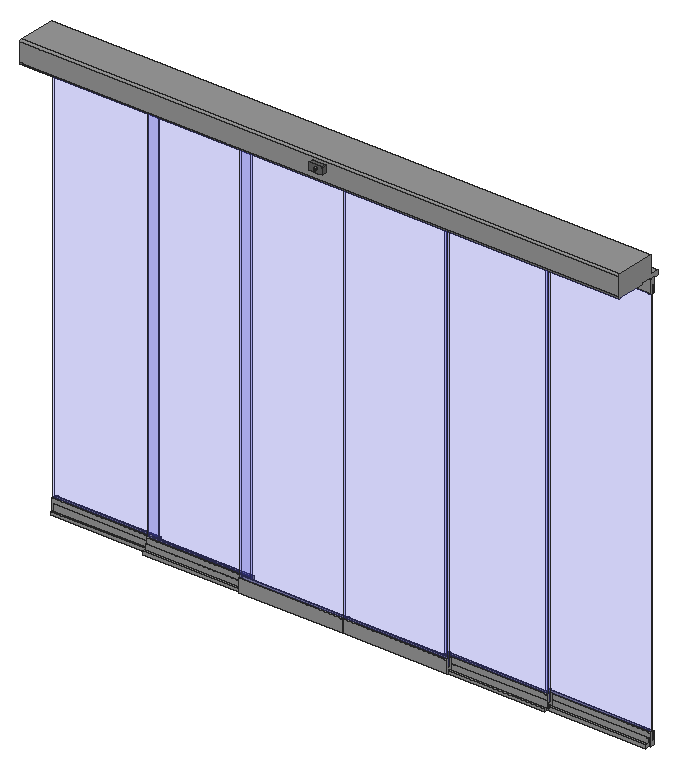
Revit family "2017_Telescopic_BP_central_fixed", category Puertas, Revit 2017
Family settings
  Anfitrión = Muro
  Número OmniClass = 23.30.10.17.11
  Título OmniClass = Sliding Doors
  Siempre vertical = Sí
  Corte con vacíos al cargar = No
  Compartido = No
  Punto de cálculo de habitación = No
Parameters (values of type "PL 2220 x HL 2400 (A20-2)")
  Uniclass 2.0 Description = "Frameless glass door leaves"  # constant formula
  Uniclass 2.0 Code = "30-59-23-32"  # constant formula
  URL Product = "http://www.manusa.com/es/productos/puertas-automaticas/correderas/puerta-corredera-telescopica"
  URL = "http://www.manusa.com/"
  UNSPSC Code = "30-17-15-10"  # constant formula
  UNSPSC Category = "Automatic doors"  # constant formula
  Top frame = if(or([A20-2], [A20-4]), 1 = 1, 1 = 0)  # yes
  Standard Power Supply 220V [instance] = not(Power supply on request 120V)  # yes
  Safety Control Guide [instance] = if(and([A20-2], [A20-2R], [Safety Guide (optional on A20-2 and A20-2R)]), 1 = 1, 1 = 0)  # no
  Projection ALT-Center = [AM (Mobile Sheet Width)] - 41.000 mm  # 554.000 mm
  Reduced top frame = if([A20-2R], 1 = 1, 1 = 0)  # no
  Product contact = "Departamento BIM de Manusa"  # constant formula
  Power supply on request 120V [instance] = no
  Power supply [instance] = if(Power supply on request 120V, 120 V, 220 V)  # 220 V
  PL (Free pass) = Calculates PL according to AH  # 2220.000 mm
  Operator = "Manusa Visio 125"  # constant formula
  Omniclass Title = "Sliding Doors"  # constant formula
  Omniclass Code = "23.30.10.17.11"  # constant formula
  Metal Guides = Aluminio Manusa
  Memory = "BI-PARTING TELESCOPIC SLIDING DOOR WITH SLIDING AND FIXED LEAVES A20-2 MODEL\r\n\r\nMANUSA automatic sliding door, bi-parting telescopic, 4 sliding leaves and 2 fixed leaves, for a space: ……  mm high, ……  mm width, with a ……  mm clear width. The complete doorset is in compliment with the European Standard EN16005 about safety in use in power-operated pedestrian doors. It is composed of the following items:\r\nVISIO 125 operator, certified according to EN60335, composed of: motor group with two three-phase AC motors powered with a single-phase 230V/50Hz network (115V/60Hz on request); position and speed magnetic encoder; control board with performance level “d” according to EN13849 with monitored functioning and motor management system with inverter technology with voltage and frequency independent adjustment (VVVF); Direct Drive transmission (without reduction gear); backup batteries to allow opening and closing of the door in case of power failure (user-configurable). All housed in an extruded aluminium header frame 125 mm high and 180 mm deep in a powder coated / anodized finishing (chart available). Manufactured according to the Standard 9001:1000 of quality management systems.\r\nMANUSA leaves with A20-2 aluminium profiles, consisting of: one top rail and one bottom rail 75 mm high and 20 mm thick with a glass fixed with structural silicone, in powder coated / anodized finishing (chart available). Tempered / laminated glass 10 or 12 mm thick.\r\nMANUSA program selector, which allows users to choose between the following modes: automatic, open, closed, exit only and partial opening. This selector is equipped with a digital display that alerts the user of any malfunction, and features as a standard a locking PIN code to protect access to the change-mode function, according to EN16005 for doorsets in escape routes and emergency exits.\r\nMANUSA monitored sensors, with performance level “c” (level “d” if the door is located in escape routes or emergency exits) according to EN13849, in compliance with the Standard EN16005."
  Masterformat Description = "Sliding Composite Doors"  # constant formula
  Masterformat Code = "08-16-73"  # constant formula
  Lop (Operator Length) = 1.5 * PL Control + 100.000 mm  # 3430.000 mm
  IFC Clasification = ""
  HT (Total Height) = [HL (Free Height)] + 125.000 mm  # 2525.000 mm
  HN (Height Required) = [HL (Free Height)] + 135.000 mm  # 2535.000 mm
  HL (Free Height) = HH Control - 28.000 mm  # 2400.000 mm
  HH (hollow height) = 2428.000 mm
  Guides = Plástico puertas correderas manusa
  Glazing = Vidrio Manusa
  Frame = Aluminio Manusa
  Contact phone = "+34 935 915 700"  # constant formula
  Contact Email = "BIM@manusa.com"  # constant formula
  COBie Category = ""
  Bottom frame = if(or([A20-2], [A20-2R], [A20-4]), 1 = 1, 1 = 0)  # yes
  PL Control = if(Calculates PL according to AH > 3900.000 mm, 3900.000 mm, if(Calculates PL according to AH < 1850.000 mm, 1850.000 mm, Calculates PL according to AH))  # 2220.000 mm
  PL Opening Control [instance] = if(PL Opening > PL Control, PL Control, PL Opening)  # 0.000 mm
  PL Opening [instance] = (Opening % Control / 100) * [PL (Free pass)]  # 0.000 mm
  Opening % Control [instance] = if(Closed, 0, if(Open, 100, Opening %))  # 0
  Opening % = 0
  Open [instance] = no
  Normal Guide [instance] = if(and(not([Safety Guide (optional on A20-2 and A20-2R)]), [A20-2]), 1 = 1, 1 = 0)  # yes
  Modelo = "Automatic Telescopic Sliding Door"  # constant formula
  Manual Lock [instance] = no
  Lop Control = if([Lop (Operator Length)] > 6000.000 mm, 6000.000 mm, if([Lop (Operator Length)] < 2875.000 mm, 2875.000 mm, [Lop (Operator Length)]))  # 3430.000 mm
  Lock NO [instance] = yes
  Lateral pillar [instance] = no
  HL/2 = [HL (Free Height)] / 2  # 1200.000 mm
  HH Control = if([HH (hollow height)] > 2828.000 mm, 2828.000 mm, if([HH (hollow height)] < 1825.000 mm, 1828.000 mm, [HH (hollow height)]))  # 2428.000 mm
  Safety Guide (optional on A20-2 and A20-2R) [instance] = no
  Función = Interior
  Fabricante = "MANUSA"  # constant formula
  Distance to Top Glazing [instance] = if(or([A20-2], [A20-2R]), 30.000 mm, if([A20-4], 55.000 mm, 0.000 mm))  # 30.000 mm
  Distance Lower Glazing [instance] = if(or([A20-2], [A20-2R]), 30.000 mm, if([A20-4], 55.000 mm, 0.000 mm))  # 30.000 mm
  Descripción = "Central Opening Transparent Telescopic Door with 2 Fixed Sheets"  # constant formula
  Type Comments = ""
  Closed [instance] = yes
  Calculates PL according to AH = (AH Control - 100.000 mm) / 1.5  # 2220.000 mm
  Automatic Lock [instance] = no
  Height side frames = [HN (Height Required)] - 10.000 mm  # 2525.000 mm
  Altura = HH Control  # 2428.000 mm
  Cierre de muro = Por anfitrión
  Anchura = [Lop (Operator Length)]  # 3430.000 mm
  Admitted glasses = "Laminado 5+5mm, Laminado 6+6mm,Templado 10mm, Templado 12mm"
  AM (Mobile Sheet Width) = (PL Control / 4) + 40.000 mm  # 595.000 mm
  ALT Opening [instance] = (2 * ([AM (Mobile Sheet Width)] - 40.000 mm)) + (PL Opening Control / 2)  # 1110.000 mm
  ALT = (PL Control / 4) + 40.000 mm  # 595.000 mm
  AH Control = if([AH (Hollow Width)] > 5950.000 mm, 5950.000 mm, if([AH (Hollow Width)] < 2875.000 mm, 2875.000 mm, [AH (Hollow Width)]))  # 3430.000 mm
  AH (Hollow Width) = 3430.000 mm
  AH = [Lop (Operator Length)]  # 3430.000 mm
  AF (Fixed Sheet Width) = (AH - PL Control) / 2  # 605.000 mm
  A20-4 = no
  A20-2R = no
  A20-2 = yes
Reference planes
  plane 1: y = 0
  plane 2 "Centro (Izquierda/Derecha)": x = 0
  plane 3 "Izquierda": x = -1715
  plane 4 "Derecha": x = 1715
  plane 5: z = 2428
  plane 6 "Exterior": y = 73.975
  plane 7 "Interior": y = -76.025
  plane 8 "ALT derecha": x = 1150
  plane 9 "ALT izquierda": x = -1150
  plane 10 "ALT derecha C": x = 555
  plane 11 "ALT izquierda C": x = -555
  plane 12 "AF izquierda": x = -1110
  plane 13 "AF derecha": x = 1110
  plane 14: z = 2535
  plane 15: z = 2400
  plane 16 "HF": y = -63.525
  plane 17 "HALT": y = -93.525
  plane 18: z = 1200
  plane 19 "AM derecha C": x = 0
  plane 20 "AM izquierda C": x = 0
  plane 21 "AM izquierda": x = -595
  plane 22 "AM derecha": x = 595
  plane 23 "HM": y = -123.525
Forms (mm)
  Extrusion 1, solid, material "Aluminio Manusa" <- "Frame", visible <- "Lateral pillar", detail levels medium+fine
    sketch origin (0, 0, 0) x (1, 0, 0) y (0, 1, 0)
      loop
        arc (1718, -76.025) -> (1715.879, -76.904) -> (1715, -79.025) r 3
        line (1715, -79.025) -> (1715, -140.868) -> (1716.122, -140.868) -> (1715, -142.356) -> (1715, -145.829) -> (1765, -145.829) -> (1765, -142.356) -> (1763.878, -140.868) -> (1765, -140.868) -> (1765, -79.025)
        arc (1765, -79.025) -> (1764.121, -76.904) -> (1762, -76.025) r 3
        line (1762, -76.025) -> (1718, -76.025)
      loop
        line (-1718, -76.025) -> (-1762, -76.025)
        arc (-1762, -76.025) -> (-1764.121, -76.904) -> (-1765, -79.025) r 3
        line (-1765, -79.025) -> (-1765, -140.868) -> (-1763.878, -140.868) -> (-1765, -142.356) -> (-1765, -145.829) -> (-1715, -145.829) -> (-1715, -142.356) -> (-1716.122, -140.868) -> (-1715, -140.868) -> (-1715, -79.025)
        arc (-1715, -79.025) -> (-1715.879, -76.904) -> (-1718, -76.025) r 3
    from 0 to 2525 <- "Height side frames"
  Extrusion 2, solid, material "Aluminio Manusa" <- "Frame", detail levels medium+fine
    sketch origin (0, 0, 0) x (0, 1, 0) y (0, 0, 1)
      loop
        line (-76.025, 2428) -> (-76.025, 2525.001) -> (-296.025, 2525.001)
        arc (-296.025, 2525.001) -> (-303.096, 2522.072) -> (-306.025, 2515.001) r 10
        line (-306.025, 2515.001) -> (-306.025, 2410.001)
        arc (-306.025, 2410.001) -> (-303.096, 2402.93) -> (-296.025, 2400.001) r 10
        line (-296.025, 2400.001) -> (-138.525, 2400.001) -> (-138.525, 2408) -> (-76.025, 2408) -> (-76.025, 2400) -> (-26.025, 2400) -> (-26.025, 2428) -> (-76.025, 2428)
    from -1715 to 1715
  Extrusion 3, solid, material "Plástico puertas correderas manusa" <- "Guides", detail levels fine
    sketch origin (0, -76.025, 0) x (1, 0, 0) y (0, 0, 1)
      loop
        arc (-37.5, 2460.593) -> (0, 2455.986) -> (37.5, 2460.593) r 154.914
        line (37.5, 2460.593) -> (37.5, 2497.062)
        arc (37.5, 2497.062) -> (36.466, 2499.559) -> (33.968, 2500.593) r 3.532
        line (33.968, 2500.593) -> (-33.968, 2500.593)
        arc (-33.968, 2500.593) -> (-36.466, 2499.559) -> (-37.5, 2497.062) r 3.532
        line (-37.5, 2497.062) -> (-37.5, 2460.593)
    from 230 to 255
  Extrusion 4, solid, material "Vidrio Manusa" <- "Glazing"
    sketch origin (0, -0.012, 0) x (1, 0, 0) y (0, 1, 0)
      loop
        line (-1110, -57.499) -> (-1715, -57.499) -> (-1715, -69.527) -> (-1110, -69.527) -> (-1110, -57.499)
      loop
        line (1110, -57.499) -> (1110, -69.527) -> (1715, -69.527) -> (1715, -57.499) -> (1110, -57.499)
    from 30 to 2370
  Extrusion 5, solid, material "Aluminio Manusa" <- "Frame", visible <- "Top frame", detail levels medium+fine
    sketch origin (1110, 165, 1972) x (0, 0, -1) y (0, -1, 0)
      loop
        arc (-354.5, 216.025) -> (-353.439, 216.465) -> (-353, 217.525) r 1.5
        line (-353, 217.525) -> (-353, 221.511) -> (-398, 221.511) -> (-398, 235.54) -> (-353, 235.54) -> (-353, 239.525)
        arc (-353, 239.525) -> (-353.439, 240.586) -> (-354.5, 241.025) r 1.5
        line (-354.5, 241.025) -> (-428, 241.025) -> (-428, 216.025) -> (-354.5, 216.025)
    from 0 to -605
  Extrusion 6, solid, material "Aluminio Manusa" <- "Frame", visible <- "Bottom frame", detail levels medium+fine
    sketch origin (1110, 165, 0) x (0, 0, 1) y (0, 1, 0)
      loop
        line (73.5, -216.025) -> (0, -216.025) -> (0, -241.025) -> (73.5, -241.025)
        arc (73.5, -241.025) -> (74.561, -240.586) -> (75, -239.525) r 1.5
        line (75, -239.525) -> (75, -235.54) -> (30, -235.54) -> (30, -221.511) -> (75, -221.511) -> (75, -217.525)
        arc (75, -217.525) -> (74.561, -216.465) -> (73.5, -216.025) r 1.5
    from 0 to -605
  Extrusion 7, solid, material "Aluminio Manusa" <- "Frame", visible <- "Bottom frame", detail levels medium+fine
    sketch origin (-1110, -100, 0) x (0, 0, 1) y (0, -1, 0)
      loop
        arc (73.5, -48.975) -> (74.561, -48.535) -> (75, -47.475) r 1.5
        line (75, -47.475) -> (75, -43.489) -> (30, -43.489) -> (30, -29.46) -> (75, -29.46) -> (75, -25.475)
        arc (75, -25.475) -> (74.561, -24.414) -> (73.5, -23.975) r 1.5
        line (73.5, -23.975) -> (0, -23.975) -> (0, -48.975) -> (73.5, -48.975)
    from 0 to -605
  Extrusion 8, solid, material "Aluminio Manusa" <- "Frame", visible <- "Bottom frame", detail levels medium+fine
    sketch origin (-1150, 0, 0) x (0, 0, 1) y (0, 1, 0)
      loop
        line (81.5, -81.025) -> (8, -81.025) -> (8, -86.511) -> (28, -86.511) -> (28, -100.539) -> (8, -100.539) -> (8, -106.025) -> (81.5, -106.025)
        arc (81.5, -106.025) -> (82.561, -105.585) -> (83, -104.525) r 1.5
        line (83, -104.525) -> (83, -100.539) -> (38, -100.539) -> (38, -86.511) -> (83, -86.511) -> (83, -82.525)
        arc (83, -82.525) -> (82.561, -81.464) -> (81.5, -81.025) r 1.5
    from -595 to 0
  Extrusion 9, solid, material "Aluminio Manusa" <- "Frame", visible <- "Bottom frame", detail levels medium+fine
    sketch origin (1150, 0, 0) x (0, 0, 1) y (0, -1, 0)
      loop
        arc (81.5, 81.025) -> (82.561, 81.464) -> (83, 82.525) r 1.5
        line (83, 82.525) -> (83, 86.511) -> (38, 86.511) -> (38, 100.539) -> (83, 100.539) -> (83, 104.525)
        arc (83, 104.525) -> (82.561, 105.585) -> (81.5, 106.025) r 1.5
        line (81.5, 106.025) -> (8, 106.025) -> (8, 100.539) -> (28, 100.539) -> (28, 86.511) -> (8, 86.511) -> (8, 81.025) -> (81.5, 81.025)
    from -595 to 0
  Extrusion 10, solid, material "Aluminio Manusa" <- "Frame", visible <- "Top frame", detail levels medium+fine
    sketch origin (-1110, -100, 0) x (0, 0, 1) y (0, -1, 0)
      loop
        line (2326.5, -48.975) -> (2400, -48.975) -> (2400, -23.975) -> (2326.5, -23.975)
        arc (2326.5, -23.975) -> (2325.439, -24.414) -> (2325, -25.475) r 1.5
        line (2325, -25.475) -> (2325, -29.46) -> (2370, -29.46) -> (2370, -43.489) -> (2325, -43.489) -> (2325, -47.475)
        arc (2325, -47.475) -> (2325.439, -48.535) -> (2326.5, -48.975) r 1.5
    from 0 to -605
  Extrusion 11, solid, material "Aluminio Manusa" <- "Frame", visible <- "Top frame", detail levels medium+fine
    sketch origin (-1150, 0, 0) x (0, 0, 1) y (0, 1, 0)
      loop
        arc (2334.5, -81.025) -> (2333.439, -81.465) -> (2333, -82.525) r 1.5
        line (2333, -82.525) -> (2333, -86.511) -> (2378, -86.511) -> (2378, -100.539) -> (2333, -100.539) -> (2333, -104.525)
        arc (2333, -104.525) -> (2333.439, -105.585) -> (2334.5, -106.025) r 1.5
        line (2334.5, -106.025) -> (2408, -106.025) -> (2408, -81.025) -> (2334.5, -81.025)
    from -595 to 0
  Extrusion 12, solid, material "Aluminio Manusa" <- "Frame", visible <- "Top frame", detail levels medium+fine
    sketch origin (1150, 0, 0) x (0, 0, 1) y (0, -1, 0)
      loop
        line (2334.5, 81.025) -> (2408, 81.025) -> (2408, 106.025) -> (2334.5, 106.025)
        arc (2334.5, 106.025) -> (2333.439, 105.585) -> (2333, 104.525) r 1.5
        line (2333, 104.525) -> (2333, 100.539) -> (2378, 100.539) -> (2378, 86.511) -> (2333, 86.511) -> (2333, 82.525)
        arc (2333, 82.525) -> (2333.439, 81.465) -> (2334.5, 81.025) r 1.5
    from -595 to 0
  Extrusion 13, solid, material "Plástico puertas correderas manusa" <- "Guides", visible <- "Safety Control Guide", detail levels fine
    sketch origin (1715, 0, 0) x (0, -1, 0) y (0, 0, 1)
      loop
        line (76.025, 0) -> (81.025, 0) -> (81.025, -22) -> (106.025, -22) -> (106.025, 0) -> (111.025, 0) -> (111.025, -22) -> (136.025, -22) -> (136.025, 0) -> (141.025, 0) -> (141.025, 1.5) -> (130.025, 1.5) -> (130.025, -2.675) -> (132.025, -2.675) -> (132.025, -17.675) -> (115.025, -17.675) -> (115.025, -2.675) -> (117.025, -2.675) -> (117.025, 1.5) -> (100.025, 1.5) -> (100.025, -2.675) -> (102.025, -2.675) -> (102.025, -17.675) -> (85.025, -17.675) -> (85.025, -2.675) -> (87.025, -2.675) -> (87.025, 1.5) -> (76.025, 1.5) -> (76.025, 0)
    from 0 to 3430 <- "Lop Control"
  Extrusion 14, solid, material "Aluminio Manusa" <- "Frame", detail levels fine
    sketch origin (0, -76.025, 0) x (1, 0, 0) y (0, 0, 1)
      loop
        circle (0, 2478.827) r 7.423
      loop
        line (2.981, 2481.968) -> (-2.981, 2481.968) -> (-2.981, 2480.863) -> (2.981, 2480.863) -> (2.981, 2481.968)
      loop
        line (-1.471, 2479.873) -> (-4.326, 2479.873) -> (-4.326, 2475.739) -> (-1.471, 2475.739) -> (-1.471, 2479.873)
      loop
        line (1.471, 2479.873) -> (1.471, 2475.739) -> (4.326, 2475.739) -> (4.326, 2479.873) -> (1.471, 2479.873)
    from 255 to 260
  Extrusion 15, solid, material "Vidrio Manusa" <- "Glazing"
    sketch origin (0, -2.5, 0) x (1, 0, 0) y (0, 1, 0)
      loop
        line (-1150, -97.025) -> (-555, -97.025) -> (-555, -85.025) -> (-1150, -85.025) -> (-1150, -97.025)
      loop
        line (555, -97.025) -> (1150, -97.025) -> (1150, -85.025) -> (555, -85.025) -> (555, -97.025)
    from 2378 to 38
  Extrusion 16, solid, material "Plástico puertas correderas manusa" <- "Guides", visible <- "Safety Control Guide", detail levels fine
    sketch origin (-1150, 0, 0) x (0, 0, 1) y (0, 1, 0)
      loop
        line (27, -87.511) -> (15, -87.511) -> (15, -91.511) -> (7, -91.511) -> (7, -88.511) -> (-13, -88.511) -> (-13, -98.539) -> (7, -98.539) -> (7, -95.539) -> (15, -95.539) -> (15, -99.539) -> (27, -99.539) -> (27, -87.511)
    from 0 to -595
  Extrusion 17, solid, material "Plástico puertas correderas manusa" <- "Guides", visible <- "Safety Control Guide", detail levels fine
    sketch origin (1150, 0, 0) x (0, 0, 1) y (0, -1, 0)
      loop
        line (27, 87.511) -> (27, 99.539) -> (15, 99.539) -> (15, 95.539) -> (7, 95.539) -> (7, 98.539) -> (-13, 98.539) -> (-13, 88.511) -> (7, 88.511) -> (7, 91.511) -> (15, 91.511) -> (15, 87.511) -> (27, 87.511)
    from 0 to -595
  Extrusion 18, solid, material "Aluminio Manusa" <- "Frame", visible <- "Bottom frame", detail levels medium+fine
    sketch origin (-595, 0, 0) x (0, 0, 1) y (0, 1, 0)
      loop
        line (81.5, -111.025) -> (8, -111.025) -> (8, -116.511) -> (28, -116.511) -> (28, -130.539) -> (8, -130.539) -> (8, -136.025) -> (81.5, -136.025)
        arc (81.5, -136.025) -> (82.561, -135.585) -> (83, -134.525) r 1.5
        line (83, -134.525) -> (83, -130.539) -> (38, -130.539) -> (38, -116.511) -> (83, -116.511) -> (83, -112.525)
        arc (83, -112.525) -> (82.561, -111.465) -> (81.5, -111.025) r 1.5
    from 0 to -595
  Extrusion 19, solid, material "Aluminio Manusa" <- "Frame", visible <- "Bottom frame", detail levels medium+fine
    sketch origin (595, 0, 0) x (0, 0, 1) y (0, -1, 0)
      loop
        arc (81.5, 111.025) -> (82.561, 111.465) -> (83, 112.525) r 1.5
        line (83, 112.525) -> (83, 116.511) -> (38, 116.511) -> (38, 130.539) -> (83, 130.539) -> (83, 134.525)
        arc (83, 134.525) -> (82.561, 135.585) -> (81.5, 136.025) r 1.5
        line (81.5, 136.025) -> (8, 136.025) -> (8, 130.539) -> (28, 130.539) -> (28, 116.511) -> (8, 116.511) -> (8, 111.025) -> (81.5, 111.025)
    from 0 to -595
  Extrusion 20, solid, material "Plástico puertas correderas manusa" <- "Guides", visible <- "Safety Control Guide", detail levels fine
    sketch origin (-595, 0, 0) x (0, 0, 1) y (0, 1, 0)
      loop
        line (27, -117.511) -> (15, -117.511) -> (15, -121.511) -> (7, -121.511) -> (7, -118.511) -> (-13, -118.511) -> (-13, -128.539) -> (7, -128.539) -> (7, -125.539) -> (15, -125.539) -> (15, -129.539) -> (27, -129.539) -> (27, -117.511)
    from 0 to -595
  Extrusion 21, solid, material "Plástico puertas correderas manusa" <- "Guides", visible <- "Safety Control Guide", detail levels fine
    sketch origin (595, 0, 0) x (0, 0, 1) y (0, -1, 0)
      loop
        line (27, 117.511) -> (27, 129.539) -> (15, 129.539) -> (15, 125.539) -> (7, 125.539) -> (7, 128.539) -> (-13, 128.539) -> (-13, 118.511) -> (7, 118.511) -> (7, 121.511) -> (15, 121.511) -> (15, 117.511) -> (27, 117.511)
    from 0 to -595
  Extrusion 22, solid, material "Vidrio Manusa" <- "Glazing"
    sketch origin (0, 0, 0) x (1, 0, 0) y (0, 1, 0)
      loop
        line (0, -129.525) -> (0, -117.525) -> (-595, -117.525) -> (-595, -129.525) -> (0, -129.525)
    from 38 to 2378
  Extrusion 23, solid, material "Vidrio Manusa" <- "Glazing"
    sketch origin (0, 0, 0) x (1, 0, 0) y (0, 1, 0)
      loop
        line (0, -129.525) -> (595, -129.525) -> (595, -117.525) -> (0, -117.525) -> (0, -129.525)
    from 38 to 2378
  Extrusion 24, solid, material "Aluminio Manusa" <- "Frame", visible <- "Top frame", detail levels medium+fine
    sketch origin (-595, 0, 0) x (0, 0, 1) y (0, 1, 0)
      loop
        arc (2334.5, -111.025) -> (2333.439, -111.465) -> (2333, -112.525) r 1.5
        line (2333, -112.525) -> (2333, -116.511) -> (2378, -116.511) -> (2378, -130.54) -> (2333, -130.54) -> (2333, -134.525)
        arc (2333, -134.525) -> (2333.439, -135.586) -> (2334.5, -136.025) r 1.5
        line (2334.5, -136.025) -> (2408, -136.025) -> (2408, -111.025) -> (2334.5, -111.025)
    from 0 to -595
  Extrusion 25, solid, material "Aluminio Manusa" <- "Frame", visible <- "Top frame", detail levels medium+fine
    sketch origin (595, 0, 0) x (0, 0, 1) y (0, -1, 0)
      loop
        line (2334.5, 111.025) -> (2408, 111.025) -> (2408, 136.025) -> (2334.5, 136.025)
        arc (2334.5, 136.025) -> (2333.439, 135.586) -> (2333, 134.525) r 1.5
        line (2333, 134.525) -> (2333, 130.54) -> (2378, 130.54) -> (2378, 116.511) -> (2333, 116.511) -> (2333, 112.525)
        arc (2333, 112.525) -> (2333.439, 111.465) -> (2334.5, 111.025) r 1.5
    from 0 to -595
  Extrusion 26, solid, material "Aluminio Manusa" <- "Metal Guides", visible <- "Normal Guide", detail levels fine
    sketch origin (-1110, 0, 0) x (0, 0, 1) y (0, -1, 0)
      loop
        line (0, 76.025) -> (46, 76.025) -> (46, 79.025) -> (3, 79.025) -> (3, 87.511) -> (18, 87.511) -> (18, 99.539) -> (0, 99.539) -> (0, 76.025)
    from 0 to -595
  Extrusion 27, solid, material "Aluminio Manusa" <- "Metal Guides", visible <- "Normal Guide", detail levels fine
    sketch origin (1110, 0, 0) x (0, 0, 1) y (0, 1, 0)
      loop
        line (0, -76.025) -> (0, -99.539) -> (18, -99.539) -> (18, -87.511) -> (3, -87.511) -> (3, -79.025) -> (46, -79.025) -> (46, -76.025) -> (0, -76.025)
    from 0 to -595
  Extrusion 28, solid, material "Aluminio Manusa" <- "Metal Guides", visible <- "Normal Guide", detail levels fine
    sketch origin (1150, 70, 5) x (0, 0, 1) y (0, -1, 0)
      loop
        line (0, 176.025) -> (46, 176.025) -> (46, 179.025) -> (3, 179.025) -> (3, 187.511) -> (18, 187.511) -> (18, 199.539) -> (0, 199.539) -> (0, 176.025)
    from 0 to -595
  Extrusion 29, solid, material "Aluminio Manusa" <- "Metal Guides", visible <- "Normal Guide", detail levels fine
    sketch origin (-1150, 100, 0) x (0, 0, 1) y (0, 1, 0)
      loop
        line (5, -206.025) -> (5, -229.539) -> (23, -229.539) -> (23, -217.51) -> (8, -217.51) -> (8, -209.025) -> (51, -209.025) -> (51, -206.025) -> (5, -206.025)
    from 0 to -595
  Extrusion 30, solid, material "Aluminio Manusa" <- "Frame", visible <- "Reduced top frame", detail levels medium+fine
    sketch origin (1110, 165, 1997) x (0, 0, -1) y (0, -1, 0)
      loop
        arc (-354.5, 216.025) -> (-353.439, 216.465) -> (-353, 217.525) r 1.5
        line (-353, 217.525) -> (-353, 221.511) -> (-373, 221.511) -> (-373, 235.54) -> (-353, 235.54) -> (-353, 239.525)
        arc (-353, 239.525) -> (-353.439, 240.586) -> (-354.5, 241.025) r 1.5
        line (-354.5, 241.025) -> (-403, 241.025) -> (-403, 216.025) -> (-354.5, 216.025)
    from 0 to -605
  Extrusion 31, solid, material "Aluminio Manusa" <- "Frame", visible <- "Reduced top frame", detail levels medium+fine
    sketch origin (-1110, -100, 25) x (0, 0, 1) y (0, -1, 0)
      loop
        line (2326.5, -48.975) -> (2375, -48.975) -> (2375, -23.975) -> (2326.5, -23.975)
        arc (2326.5, -23.975) -> (2325.439, -24.414) -> (2325, -25.475) r 1.5
        line (2325, -25.475) -> (2325, -29.46) -> (2345, -29.46) -> (2345, -43.489) -> (2325, -43.489) -> (2325, -47.475)
        arc (2325, -47.475) -> (2325.439, -48.535) -> (2326.5, -48.975) r 1.5
    from 0 to -605
  Extrusion 32, solid, material "Aluminio Manusa" <- "Frame", visible <- "Reduced top frame", detail levels medium+fine
    sketch origin (-1150, 0, 25) x (0, 0, 1) y (0, 1, 0)
      loop
        arc (2334.5, -81.025) -> (2333.439, -81.465) -> (2333, -82.525) r 1.5
        line (2333, -82.525) -> (2333, -86.511) -> (2353, -86.511) -> (2353, -100.539) -> (2333, -100.539) -> (2333, -104.525)
        arc (2333, -104.525) -> (2333.439, -105.585) -> (2334.5, -106.025) r 1.5
        line (2334.5, -106.025) -> (2383, -106.025) -> (2383, -81.025) -> (2334.5, -81.025)
    from -595 to 0
  Extrusion 33, solid, material "Aluminio Manusa" <- "Frame", visible <- "Reduced top frame", detail levels medium+fine
    sketch origin (1150, 0, 25) x (0, 0, 1) y (0, -1, 0)
      loop
        line (2334.5, 81.025) -> (2383, 81.025) -> (2383, 106.025) -> (2334.5, 106.025)
        arc (2334.5, 106.025) -> (2333.439, 105.585) -> (2333, 104.525) r 1.5
        line (2333, 104.525) -> (2333, 100.539) -> (2353, 100.539) -> (2353, 86.511) -> (2333, 86.511) -> (2333, 82.525)
        arc (2333, 82.525) -> (2333.439, 81.465) -> (2334.5, 81.025) r 1.5
    from -595 to 0
  Extrusion 34, solid, material "Aluminio Manusa" <- "Frame", visible <- "Reduced top frame", detail levels medium+fine
    sketch origin (-595, 0, 25) x (0, 0, 1) y (0, 1, 0)
      loop
        arc (2334.5, -111.025) -> (2333.439, -111.465) -> (2333, -112.525) r 1.5
        line (2333, -112.525) -> (2333, -116.511) -> (2353, -116.511) -> (2353, -130.54) -> (2333, -130.54) -> (2333, -134.525)
        arc (2333, -134.525) -> (2333.439, -135.586) -> (2334.5, -136.025) r 1.5
        line (2334.5, -136.025) -> (2383, -136.025) -> (2383, -111.025) -> (2334.5, -111.025)
    from 0 to -595
  Extrusion 35, solid, material "Aluminio Manusa" <- "Frame", visible <- "Reduced top frame", detail levels medium+fine
    sketch origin (595, 0, 25) x (0, 0, 1) y (0, -1, 0)
      loop
        line (2334.5, 111.025) -> (2383, 111.025) -> (2383, 136.025) -> (2334.5, 136.025)
        arc (2334.5, 136.025) -> (2333.439, 135.586) -> (2333, 134.525) r 1.5
        line (2333, 134.525) -> (2333, 130.54) -> (2353, 130.54) -> (2353, 116.511) -> (2333, 116.511) -> (2333, 112.525)
        arc (2333, 112.525) -> (2333.439, 111.465) -> (2334.5, 111.025) r 1.5
    from 0 to -595
Lines and regions (mm)
  Opening 1
    outline origin (-3050, -76.025, 0) x (1, 0, 0) y (0, 0, 1)
      loop
        line (1335, 0) -> (4765, 0) -> (4765, 2428) -> (1335, 2428) -> (1335, 0)
  symbolic lines, style "DoorsHiddenLines"
    curve 1: line (-1715, -76.025, 0) -> (-1715, -306.025, 0)
    curve 2: line (-1715, -306.025, 0) -> (1715, -306.025, 0)
    curve 3: line (1715, -306.025, 0) -> (1715, -76.025, 0)
  symbolic lines, style "DoorsGlassProjection"
    curve 4: line (-90, -76.025, 1340) -> (-90, -76.025, 1440)
    curve 5: line (-90, -76.025, 1440) -> (-330, -76.025, 1440)
    curve 6: line (-330, -76.025, 1440) -> (-330, -76.025, 1510)
    curve 7: line (-330, -76.025, 1510) -> (-450, -76.025, 1390)
    curve 8: line (-90, -76.025, 1340) -> (-330, -76.025, 1340)
    curve 9: line (-330, -76.025, 1340) -> (-330, -76.025, 1270)
    curve 10: line (-330, -76.025, 1270) -> (-450, -76.025, 1390)
    curve 11: line (-90, -76.025, 1060) -> (-90, -76.025, 960)
    curve 12: line (-90, -76.025, 960) -> (-330, -76.025, 960)
    curve 13: line (-330, -76.025, 960) -> (-330, -76.025, 890)
    curve 14: line (-330, -76.025, 890) -> (-450, -76.025, 1010)
    curve 15: line (-90, -76.025, 1060) -> (-330, -76.025, 1060)
    curve 16: line (-330, -76.025, 1060) -> (-330, -76.025, 1130)
    curve 17: line (-330, -76.025, 1130) -> (-450, -76.025, 1010)
    curve 18: line (-645, -76.025, 1250) -> (-645, -76.025, 1150)
    curve 19: line (-645, -76.025, 1150) -> (-885, -76.025, 1150)
    curve 20: line (-885, -76.025, 1150) -> (-885, -76.025, 1080)
    curve 21: line (-885, -76.025, 1080) -> (-1005, -76.025, 1200)
    curve 22: line (-645, -76.025, 1250) -> (-885, -76.025, 1250)
    curve 23: line (-885, -76.025, 1250) -> (-885, -76.025, 1320)
    curve 24: line (-885, -76.025, 1320) -> (-1005, -76.025, 1200)
    curve 25: line (90, -76.025, 1340) -> (90, -76.025, 1440)
    curve 26: line (90, -76.025, 1440) -> (330, -76.025, 1440)
    curve 27: line (330, -76.025, 1440) -> (330, -76.025, 1510)
    curve 28: line (330, -76.025, 1510) -> (450, -76.025, 1390)
    curve 29: line (90, -76.025, 1340) -> (330, -76.025, 1340)
    curve 30: line (330, -76.025, 1340) -> (330, -76.025, 1270)
    curve 31: line (330, -76.025, 1270) -> (450, -76.025, 1390)
    curve 32: line (90, -76.025, 1060) -> (90, -76.025, 960)
    curve 33: line (90, -76.025, 960) -> (330, -76.025, 960)
    curve 34: line (330, -76.025, 960) -> (330, -76.025, 890)
    curve 35: line (330, -76.025, 890) -> (450, -76.025, 1010)
    curve 36: line (90, -76.025, 1060) -> (330, -76.025, 1060)
    curve 37: line (330, -76.025, 1060) -> (330, -76.025, 1130)
    curve 38: line (330, -76.025, 1130) -> (450, -76.025, 1010)
    curve 39: line (645, -76.025, 1250) -> (645, -76.025, 1150)
    curve 40: line (645, -76.025, 1150) -> (885, -76.025, 1150)
    curve 41: line (885, -76.025, 1150) -> (885, -76.025, 1080)
    curve 42: line (885, -76.025, 1080) -> (1005, -76.025, 1200)
    curve 43: line (645, -76.025, 1250) -> (885, -76.025, 1250)
    curve 44: line (885, -76.025, 1250) -> (885, -76.025, 1320)
    curve 45: line (885, -76.025, 1320) -> (1005, -76.025, 1200)
    curve 46: line (-1715, -57.511, 0) -> (-1110, -57.511, 0)
    curve 47: line (-1715, -69.54, 0) -> (-1715, -57.511, 0)
    curve 48: line (-1110, -69.54, 0) -> (-1715, -69.54, 0)
    curve 49: line (-1110, -57.511, 0) -> (-1110, -69.54, 0)
    curve 50: line (-1150, -87.525, 0) -> (-555, -87.525, 0)
    curve 51: line (-1150, -99.525, 0) -> (-1150, -87.525, 0)
    curve 52: line (-555, -99.525, 0) -> (-1150, -99.525, 0)
    curve 53: line (-555, -87.525, 0) -> (-555, -99.525, 0)
    curve 54: line (-595, -117.525, 0) -> (0, -117.525, 0)
    curve 55: line (-595, -129.525, 0) -> (-595, -117.525, 0)
    curve 56: line (0, -129.525, 0) -> (-595, -129.525, 0)
    curve 57: line (0, -117.525, 0) -> (0, -129.525, 0)
    curve 58: line (0, -117.525, 0) -> (595, -117.525, 0)
    curve 59: line (0, -129.525, 0) -> (0, -117.525, 0)
    curve 60: line (595, -129.525, 0) -> (0, -129.525, 0)
    curve 61: line (595, -117.525, 0) -> (595, -129.525, 0)
    curve 62: line (555, -87.525, 0) -> (1150, -87.525, 0)
    curve 63: line (555, -99.525, 0) -> (555, -87.525, 0)
    curve 64: line (1150, -99.525, 0) -> (555, -99.525, 0)
    curve 65: line (1150, -87.525, 0) -> (1150, -99.525, 0)
    curve 66: line (1110, -57.511, 0) -> (1715, -57.511, 0)
    curve 67: line (1110, -69.54, 0) -> (1110, -57.511, 0)
    curve 68: line (1715, -69.54, 0) -> (1110, -69.54, 0)
    curve 69: line (1715, -57.511, 0) -> (1715, -69.54, 0)
Text (mm)
  text "Exterior" at (-2295.016, 1099.543, 0), in view "Nivel de referencia"
  text "Exterior" at (0, 1615.38, 3698.081), in view "Izquierda"
  text "Exterior" at (0, 1036.032, 3874.932), in view "Derecha"
Dimensions and locks
  equal spacing: plane 3 "Izquierda", plane 2 "Centro (Izquierda/Derecha)", plane 4 "Derecha"
  "Lop Control": plane 3 "Izquierda" to plane 4 "Derecha"
  "HH Control": host wall to plane 5
  host wall to plane 5 = 2428.000 mm
  locked: plane 6 "Exterior" to host wall at 0
  locked: plane 7 "Interior" to host wall
  plane 4 "Derecha" to Extrusion 1 sketch curve to Extrusion 1 sketch curve to Extrusion 1 sketch curve to Extrusion 1 sketch curve = 1.122 mm locked, 47.756 mm locked, 1.122 mm locked, 0.000 mm locked
  Extrusion 1 sketch curve to Extrusion 1 sketch curve to Extrusion 1 sketch curve to Extrusion 1 sketch curve to Extrusion 1 sketch curve to Extrusion 1 sketch curve to Extrusion 1 sketch curve to plane 7 "Interior" = 3.473 mm locked, 0.000 mm locked, 1.489 mm locked, 0.000 mm locked, 61.843 mm locked, 0.000 mm locked, 3.000 mm locked  (x2)
  Extrusion 1 sketch curve to Extrusion 1 sketch curve to Extrusion 1 sketch curve to Extrusion 1 sketch curve to Extrusion 1 sketch curve to Extrusion 1 sketch curve to plane 3 "Izquierda" = 0.000 mm locked, 1.122 mm locked, 1.878 mm locked, 44.000 mm locked, 1.878 mm locked, 1.122 mm locked
  equal spacing: plane 11 "ALT izquierda C", plane 2 "Centro (Izquierda/Derecha)", plane 10 "ALT derecha C"
  "HL (Free Height)": plane 15 to level
  "HN (Height Required)": plane 14 to level
  "PL Control": plane 13 "AF derecha" to plane 12 "AF izquierda"
  equal spacing: plane 13 "AF derecha", plane 2 "Centro (Izquierda/Derecha)", plane 12 "AF izquierda"
  locked: plane 16 "HF" to plane 7 "Interior" at 12.5
  Extrusion 5 sketch curve to Extrusion 5 sketch curve to Extrusion 5 sketch curve to plane 16 "HF" = 1.500 mm locked, 3.986 mm locked, 7.014 mm locked
  plane 16 "HF" to Extrusion 5 sketch curve to Extrusion 5 sketch curve to Extrusion 5 sketch curve = 7.014 mm locked, 3.985 mm locked, 1.500 mm locked
  Extrusion 5 sketch curve to Extrusion 5 sketch curve to Extrusion 5 sketch curve to Extrusion 5 sketch curve to Extrusion 5 sketch curve to plane 15 = 0.000 mm locked, 1.500 mm locked, 0.000 mm locked, 43.500 mm, 30.000 mm
  Extrusion 4 sketch curve to plane 16 "HF" to Extrusion 4 sketch curve = 6.014 mm, 6.014 mm  (x2)
  Extrusion 2 sketch curve to Extrusion 2 sketch curve to Extrusion 2 sketch curve to Extrusion 2 sketch curve to Extrusion 2 sketch curve = 62.500 mm locked, 157.500 mm locked, 0.000 mm locked, 10.000 mm locked
  plane 5 to Extrusion 2 sketch curve to Extrusion 2 sketch curve = 87.001 mm locked, 10.000 mm locked
  Extrusion 2 sketch curve to Extrusion 2 sketch curve to Extrusion 2 sketch curve to Extrusion 2 sketch curve to plane 5 = 0.001 mm locked, 7.999 mm locked, 2.001 mm locked, 17.999 mm locked
  locked: plane 7 "Interior" to plane 17 "HALT" at 17.5
  Extrusion 6 sketch curve to Extrusion 6 sketch curve to Extrusion 6 sketch curve to plane 16 "HF" = 1.500 mm locked, 3.986 mm locked, 7.014 mm locked
  plane 16 "HF" to Extrusion 6 sketch curve to Extrusion 6 sketch curve to Extrusion 6 sketch curve = 7.014 mm locked, 3.985 mm locked, 1.500 mm locked
  Extrusion 6 sketch curve to Extrusion 6 sketch curve to Extrusion 6 sketch curve to Extrusion 6 sketch curve to Extrusion 6 sketch curve to level = 0.000 mm locked, 1.500 mm locked, 0.000 mm locked, 43.500 mm, 30.000 mm
  Extrusion 7 sketch curve to Extrusion 7 sketch curve to Extrusion 7 sketch curve to Extrusion 7 sketch curve to Extrusion 7 sketch curve to level = 0.000 mm locked, 1.500 mm locked, 0.000 mm locked, 43.500 mm, 30.000 mm
  Extrusion 7 sketch curve to Extrusion 7 sketch curve to Extrusion 7 sketch curve to plane 16 "HF" = 1.500 mm locked, 3.986 mm locked, 7.014 mm locked
  plane 16 "HF" to Extrusion 7 sketch curve to Extrusion 7 sketch curve to Extrusion 7 sketch curve = 7.014 mm locked, 3.985 mm locked, 1.500 mm locked
  Extrusion 8 sketch curve to Extrusion 8 sketch curve to Extrusion 8 sketch curve to Extrusion 8 sketch curve to Extrusion 8 sketch curve to Extrusion 8 sketch curve to Extrusion 8 sketch curve to Extrusion 8 sketch curve to level = 0.000 mm locked, 1.500 mm locked, 0.000 mm locked, 43.500 mm, 10.000 mm, 20.000 mm locked, 0.000 mm locked, 8.000 mm locked
  Extrusion 8 sketch curve to Extrusion 8 sketch curve to Extrusion 8 sketch curve to Extrusion 8 sketch curve to plane 17 "HALT" = 1.500 mm locked, 3.986 mm locked, 0.000 mm locked, 7.014 mm locked
  plane 17 "HALT" to Extrusion 8 sketch curve to Extrusion 8 sketch curve to Extrusion 8 sketch curve to Extrusion 8 sketch curve = 7.014 mm locked, 0.000 mm locked, 3.985 mm locked, 1.500 mm locked
  Extrusion 9 sketch curve to Extrusion 9 sketch curve to Extrusion 9 sketch curve to Extrusion 9 sketch curve to Extrusion 9 sketch curve to Extrusion 9 sketch curve to Extrusion 9 sketch curve to Extrusion 9 sketch curve to level = 0.000 mm locked, 1.500 mm locked, 0.000 mm locked, 43.500 mm, 10.000 mm, 20.000 mm locked, 0.000 mm locked, 8.000 mm locked
  Extrusion 9 sketch curve to Extrusion 9 sketch curve to Extrusion 9 sketch curve to Extrusion 9 sketch curve to plane 17 "HALT" = 1.500 mm locked, 3.986 mm locked, 0.000 mm locked, 7.014 mm locked
  plane 17 "HALT" to Extrusion 9 sketch curve to Extrusion 9 sketch curve to Extrusion 9 sketch curve to Extrusion 9 sketch curve = 7.014 mm locked, 0.000 mm locked, 3.985 mm locked, 1.500 mm locked
  Extrusion 10 sketch curve to Extrusion 10 sketch curve to Extrusion 10 sketch curve to Extrusion 10 sketch curve to Extrusion 10 sketch curve to plane 15 = 0.000 mm locked, 1.500 mm locked, 0.000 mm locked, 43.500 mm, 30.000 mm
  Extrusion 10 sketch curve to Extrusion 10 sketch curve to Extrusion 10 sketch curve to plane 16 "HF" = 1.500 mm locked, 3.986 mm locked, 7.014 mm locked
  plane 16 "HF" to Extrusion 10 sketch curve to Extrusion 10 sketch curve to Extrusion 10 sketch curve = 7.014 mm locked, 3.985 mm locked, 1.500 mm locked
  Extrusion 11 sketch curve to Extrusion 11 sketch curve to Extrusion 11 sketch curve to plane 17 "HALT" = 1.500 mm locked, 3.986 mm locked, 7.014 mm locked
  plane 17 "HALT" to Extrusion 11 sketch curve to Extrusion 11 sketch curve to Extrusion 11 sketch curve = 7.014 mm locked, 3.985 mm locked, 1.500 mm locked
  locked: plane 15 to Extrusion 11 sketch curve at 8
  Extrusion 11 sketch curve to Extrusion 11 sketch curve to Extrusion 11 sketch curve to Extrusion 11 sketch curve to Extrusion 11 sketch curve to plane 15 = 0.000 mm locked, 1.500 mm locked, 0.000 mm locked, 43.500 mm, 22.000 mm
  "Distance to Top Glazing": Extrusion 4 to plane 15
  "Distance Lower Glazing": Extrusion 4 to level
  locked: plane 15 to Extrusion 12 sketch curve at 8
  Extrusion 12 sketch curve to Extrusion 12 sketch curve to Extrusion 12 sketch curve to Extrusion 12 sketch curve to Extrusion 12 sketch curve to plane 15 = 0.000 mm locked, 1.500 mm locked, 0.000 mm locked, 43.500 mm, 22.000 mm
  Extrusion 12 sketch curve to Extrusion 12 sketch curve to Extrusion 12 sketch curve to plane 17 "HALT" = 1.500 mm locked, 3.986 mm locked, 7.014 mm locked
  plane 17 "HALT" to Extrusion 12 sketch curve to Extrusion 12 sketch curve to Extrusion 12 sketch curve = 7.014 mm locked, 3.985 mm locked, 1.500 mm locked
  locked: Extrusion 3 to Extrusion 14 sketch curve at 21.766
  Extrusion 15 sketch curve to plane 17 "HALT" to Extrusion 15 sketch curve = 6.000 mm locked, 6.000 mm locked  (x2)
  "Distance to Top Glazing": Extrusion 15 to Extrusion 2
  "Distance Lower Glazing": Extrusion 8 to Extrusion 15
  Extrusion 16 sketch curve to Extrusion 16 sketch curve to Extrusion 16 sketch curve to plane 17 "HALT" = 1.000 mm locked, 3.000 mm locked, 2.014 mm locked
  plane 17 "HALT" to Extrusion 16 sketch curve to Extrusion 16 sketch curve to Extrusion 16 sketch curve = 2.014 mm locked, 3.000 mm locked, 1.000 mm locked
  locked: level to Extrusion 16 sketch curve at 13
  Extrusion 16 sketch curve to Extrusion 16 sketch curve to Extrusion 16 sketch curve to Extrusion 16 sketch curve to Extrusion 16 sketch curve to level = 12.000 mm locked, 0.000 mm locked, 8.000 mm locked, 0.000 mm locked, 7.000 mm locked
  Extrusion 17 sketch curve to Extrusion 17 sketch curve to Extrusion 17 sketch curve to plane 17 "HALT" = 1.000 mm locked, 3.000 mm locked, 2.014 mm locked
  plane 17 "HALT" to Extrusion 17 sketch curve to Extrusion 17 sketch curve to Extrusion 17 sketch curve = 2.014 mm locked, 3.000 mm locked, 1.000 mm locked
  locked: level to Extrusion 17 sketch curve at 13
  Extrusion 17 sketch curve to Extrusion 17 sketch curve to Extrusion 17 sketch curve to Extrusion 17 sketch curve to Extrusion 17 sketch curve to level = 12.000 mm locked, 0.000 mm locked, 8.000 mm locked, 0.000 mm locked, 7.000 mm locked
  "HL/2": plane 18 to level
  "ALT": plane 9 "ALT izquierda" to plane 11 "ALT izquierda C"
  "ALT": plane 8 "ALT derecha" to plane 10 "ALT derecha C"
  plane 3 "Izquierda" to plane 12 "AF izquierda" = 605.000 mm
  locked: curve 2 to plane 7 "Interior" at 230
  "AM (Mobile Sheet Width)": plane 21 "AM izquierda" to plane 20 "AM izquierda C"
  "AM (Mobile Sheet Width)": plane 22 "AM derecha" to plane 19 "AM derecha C"
  equal spacing: plane 20 "AM izquierda C", plane 2 "Centro (Izquierda/Derecha)", plane 19 "AM derecha C"
  plane 13 "AF derecha" to plane 4 "Derecha" = 605.000 mm
  "PL Opening Control": plane 20 "AM izquierda C" to plane 19 "AM derecha C"
  locked: plane 17 "HALT" to plane 23 "HM" at 30
  Extrusion 22 sketch curve to plane 23 "HM" to Extrusion 22 sketch curve = 6.000 mm locked, 6.000 mm locked
  Extrusion 23 sketch curve to plane 23 "HM" to Extrusion 23 sketch curve = 6.000 mm locked, 6.000 mm locked
  "ALT Opening": plane 11 "ALT izquierda C" to plane 10 "ALT derecha C"
  "Distance Lower Glazing": Extrusion 18 to Extrusion 22
  "Distance Lower Glazing": Extrusion 18 to Extrusion 23
  Extrusion 18 sketch curve to Extrusion 18 sketch curve to Extrusion 18 sketch curve to Extrusion 18 sketch curve to plane 23 "HM" = 1.500 mm locked, 3.986 mm locked, 0.000 mm locked, 7.014 mm locked
  plane 23 "HM" to Extrusion 18 sketch curve to Extrusion 18 sketch curve to Extrusion 18 sketch curve to Extrusion 18 sketch curve = 7.014 mm locked, 0.000 mm locked, 3.985 mm locked, 1.500 mm locked
  Extrusion 18 sketch curve to Extrusion 18 sketch curve to Extrusion 18 sketch curve to Extrusion 18 sketch curve to Extrusion 18 sketch curve to Extrusion 18 sketch curve to Extrusion 18 sketch curve to Extrusion 18 sketch curve to level = 0.000 mm locked, 1.500 mm locked, 0.000 mm locked, 43.500 mm, 10.000 mm, 20.000 mm locked, 0.000 mm locked, 8.000 mm locked
  Extrusion 19 sketch curve to Extrusion 19 sketch curve to Extrusion 19 sketch curve to Extrusion 19 sketch curve to plane 23 "HM" = 1.500 mm locked, 3.986 mm locked, 0.000 mm locked, 7.014 mm locked
  plane 23 "HM" to Extrusion 19 sketch curve to Extrusion 19 sketch curve to Extrusion 19 sketch curve to Extrusion 19 sketch curve = 7.014 mm locked, 0.000 mm locked, 3.985 mm locked, 1.500 mm locked
  Extrusion 19 sketch curve to Extrusion 19 sketch curve to Extrusion 19 sketch curve to Extrusion 19 sketch curve to Extrusion 19 sketch curve to Extrusion 19 sketch curve to Extrusion 19 sketch curve to Extrusion 19 sketch curve to level = 0.000 mm locked, 1.500 mm locked, 0.000 mm locked, 43.500 mm, 10.000 mm, 20.000 mm locked, 0.000 mm locked, 8.000 mm locked
  Extrusion 20 sketch curve to Extrusion 20 sketch curve to Extrusion 20 sketch curve to plane 23 "HM" = 1.000 mm locked, 3.000 mm locked, 2.014 mm locked
  plane 23 "HM" to Extrusion 20 sketch curve to Extrusion 20 sketch curve to Extrusion 20 sketch curve = 2.014 mm locked, 3.000 mm locked, 1.000 mm locked
  locked: level to Extrusion 20 sketch curve at 13
  Extrusion 20 sketch curve to Extrusion 20 sketch curve to Extrusion 20 sketch curve to Extrusion 20 sketch curve to Extrusion 20 sketch curve to level = 12.000 mm locked, 0.000 mm locked, 8.000 mm locked, 0.000 mm locked, 7.000 mm locked
  Extrusion 21 sketch curve to Extrusion 21 sketch curve to Extrusion 21 sketch curve to plane 23 "HM" = 1.000 mm locked, 3.000 mm locked, 2.014 mm locked
  plane 23 "HM" to Extrusion 21 sketch curve to Extrusion 21 sketch curve to Extrusion 21 sketch curve = 2.014 mm locked, 3.000 mm locked, 1.000 mm locked
  locked: level to Extrusion 21 sketch curve at 13
  Extrusion 21 sketch curve to Extrusion 21 sketch curve to Extrusion 21 sketch curve to Extrusion 21 sketch curve to Extrusion 21 sketch curve to level = 12.000 mm locked, 0.000 mm locked, 8.000 mm locked, 0.000 mm locked, 7.000 mm locked
  Extrusion 13 sketch curve to Extrusion 13 sketch curve to Extrusion 13 sketch curve to level = 0.000 mm locked, 0.000 mm locked, 1.500 mm locked
  level to Extrusion 13 sketch curve to Extrusion 13 sketch curve to Extrusion 13 sketch curve to Extrusion 13 sketch curve to Extrusion 13 sketch curve to Extrusion 13 sketch curve to Extrusion 13 sketch curve to Extrusion 13 sketch curve = 2.675 mm locked, 0.000 mm locked, 0.000 mm locked, 0.000 mm locked, 15.000 mm locked, 0.000 mm locked, 4.325 mm locked, 0.000 mm locked
  plane 7 "Interior" to Extrusion 13 sketch curve to Extrusion 13 sketch curve to Extrusion 13 sketch curve to Extrusion 13 sketch curve to Extrusion 13 sketch curve to Extrusion 13 sketch curve to Extrusion 13 sketch curve to Extrusion 13 sketch curve to Extrusion 13 sketch curve to Extrusion 13 sketch curve to Extrusion 13 sketch curve to Extrusion 13 sketch curve to Extrusion 13 sketch curve = 5.000 mm locked, 4.000 mm locked, 2.000 mm locked, 13.000 mm locked, 2.000 mm locked, 4.000 mm locked, 5.000 mm locked, 4.000 mm locked, 2.000 mm locked, 13.000 mm locked, 2.000 mm locked, 4.000 mm locked, 5.000 mm locked
  Extrusion 24 sketch curve to Extrusion 24 sketch curve to Extrusion 24 sketch curve to plane 23 "HM" = 1.500 mm locked, 3.986 mm locked, 7.014 mm locked
  plane 23 "HM" to Extrusion 24 sketch curve to Extrusion 24 sketch curve to Extrusion 24 sketch curve = 7.015 mm locked, 3.985 mm locked, 1.500 mm locked
  locked: plane 15 to Extrusion 24 sketch curve at 8
  Extrusion 24 sketch curve to Extrusion 24 sketch curve to Extrusion 24 sketch curve to Extrusion 24 sketch curve to Extrusion 24 sketch curve to plane 15 = 0.000 mm locked, 1.500 mm locked, 0.000 mm locked, 43.500 mm, 22.000 mm
  Extrusion 25 sketch curve to Extrusion 25 sketch curve to Extrusion 25 sketch curve to plane 23 "HM" = 1.500 mm locked, 3.986 mm locked, 7.014 mm locked
  plane 23 "HM" to Extrusion 25 sketch curve to Extrusion 25 sketch curve to Extrusion 25 sketch curve = 7.015 mm locked, 3.985 mm locked, 1.500 mm locked
  locked: plane 15 to Extrusion 25 sketch curve at 8
  Extrusion 25 sketch curve to Extrusion 25 sketch curve to Extrusion 25 sketch curve to Extrusion 25 sketch curve to Extrusion 25 sketch curve to plane 15 = 0.000 mm locked, 1.500 mm locked, 0.000 mm locked, 43.500 mm, 22.000 mm
  "Distance to Top Glazing": Extrusion 24 to Extrusion 22
  "Distance to Top Glazing": Extrusion 24 to Extrusion 23
  Extrusion 27 sketch curve to Extrusion 27 sketch curve to Extrusion 27 sketch curve to level = 28.000 mm locked, 15.000 mm locked, 3.000 mm locked
  plane 16 "HF" to Extrusion 26 sketch curve to Extrusion 26 sketch curve to Extrusion 26 sketch curve to Extrusion 26 sketch curve = 12.500 mm locked, 3.000 mm locked, 8.486 mm locked, 12.028 mm locked
  Extrusion 26 sketch curve to Extrusion 26 sketch curve to Extrusion 26 sketch curve to level = 28.000 mm locked, 15.000 mm locked, 3.000 mm locked
  plane 16 "HF" to Extrusion 27 sketch curve to Extrusion 27 sketch curve to Extrusion 27 sketch curve to Extrusion 27 sketch curve = 12.500 mm locked, 3.000 mm locked, 8.486 mm locked, 12.028 mm locked
  plane 17 "HALT" to Extrusion 28 sketch curve to Extrusion 28 sketch curve to Extrusion 28 sketch curve to Extrusion 28 sketch curve = 12.500 mm locked, 3.000 mm locked, 8.486 mm locked, 12.028 mm locked
  Extrusion 28 sketch curve to Extrusion 28 sketch curve to Extrusion 28 sketch curve to Extrusion 28 sketch curve to level = 28.000 mm locked, 15.000 mm locked, 3.000 mm locked, 5.000 mm locked
  plane 17 "HALT" to Extrusion 29 sketch curve to Extrusion 29 sketch curve to Extrusion 29 sketch curve to Extrusion 29 sketch curve = 12.500 mm locked, 3.000 mm locked, 8.486 mm locked, 12.028 mm locked
  Extrusion 29 sketch curve to Extrusion 29 sketch curve to Extrusion 29 sketch curve to Extrusion 29 sketch curve to level = 28.000 mm locked, 15.000 mm locked, 3.000 mm locked, 5.000 mm locked
  "ALT": plane 13 "AF derecha" to Extrusion 27
  "ALT": plane 12 "AF izquierda" to Extrusion 26
  curve 7 to curve 5 to curve 10 to curve 8 to curve 10 to plane 18 = 70.000 mm locked, 50.000 mm locked, 50.000 mm locked, 70.000 mm locked, 70.000 mm locked
  plane 18 to curve 17 to curve 15 to curve 17 to curve 12 to curve 14 = 70.000 mm locked, 70.000 mm locked, 50.000 mm locked, 50.000 mm locked, 70.000 mm locked
  plane 18 to curve 19 to curve 21 = 50.000 mm locked, 70.000 mm locked
  curve 24 to curve 22 to plane 18 = 70.000 mm locked, 50.000 mm locked
  curve 10 to curve 9 to curve 6 to curve 4 to plane 20 "AM izquierda C" = 120.000 mm locked, 0.000 mm locked, 240.000 mm locked, 90.000 mm locked
  curve 17 to curve 16 to curve 13 to curve 11 to plane 20 "AM izquierda C" = 120.000 mm locked, 0.000 mm locked, 240.000 mm locked, 90.000 mm locked
  curve 24 to curve 23 to curve 20 to curve 18 to plane 11 "ALT izquierda C" = 120.000 mm locked, 0.000 mm locked, 240.000 mm locked, 90.000 mm locked
  curve 28 to curve 26 to curve 31 to curve 29 to curve 31 to plane 18 = 70.000 mm locked, 50.000 mm locked, 50.000 mm locked, 70.000 mm locked, 70.000 mm locked
  plane 18 to curve 38 to curve 36 to curve 38 to curve 33 to curve 35 = 70.000 mm locked, 70.000 mm locked, 50.000 mm locked, 50.000 mm locked, 70.000 mm locked
  plane 18 to curve 40 to curve 42 = 50.000 mm locked, 70.000 mm locked
  curve 45 to curve 43 to plane 18 = 70.000 mm locked, 50.000 mm locked
  curve 38 to curve 37 to curve 34 to curve 32 to plane 19 "AM derecha C" = 120.000 mm locked, 0.000 mm locked, 240.000 mm locked, 90.000 mm locked
  curve 31 to curve 30 to curve 27 to curve 25 to plane 19 "AM derecha C" = 120.000 mm locked, 0.000 mm locked, 240.000 mm locked, 90.000 mm locked
  curve 45 to curve 41 to curve 44 to curve 39 to plane 10 "ALT derecha C" = 120.000 mm locked, 0.000 mm locked, 240.000 mm locked, 90.000 mm locked
  Extrusion 6 to Extrusion 7 = 75.000 mm
  Extrusion 30 sketch curve to Extrusion 30 sketch curve to Extrusion 30 sketch curve = 1.500 mm locked, 3.986 mm locked
  Extrusion 30 sketch curve to Extrusion 30 sketch curve to Extrusion 30 sketch curve = 3.985 mm locked, 1.500 mm locked
  Extrusion 30 sketch curve to Extrusion 30 sketch curve to Extrusion 30 sketch curve to Extrusion 30 sketch curve to Extrusion 30 sketch curve = 0.000 mm locked, 1.500 mm locked, 0.000 mm locked, 18.500 mm
  Extrusion 31 sketch curve to Extrusion 31 sketch curve to Extrusion 31 sketch curve to Extrusion 31 sketch curve to Extrusion 31 sketch curve = 0.000 mm locked, 1.500 mm locked, 0.000 mm locked, 18.500 mm
  Extrusion 31 sketch curve to Extrusion 31 sketch curve to Extrusion 31 sketch curve = 1.500 mm locked, 3.986 mm locked
  Extrusion 31 sketch curve to Extrusion 31 sketch curve to Extrusion 31 sketch curve = 3.985 mm locked, 1.500 mm locked
  Extrusion 32 sketch curve to Extrusion 32 sketch curve to Extrusion 32 sketch curve = 1.500 mm locked, 3.986 mm locked
  Extrusion 32 sketch curve to Extrusion 32 sketch curve to Extrusion 32 sketch curve = 3.985 mm locked, 1.500 mm locked
  Extrusion 32 sketch curve to Extrusion 32 sketch curve to Extrusion 32 sketch curve to Extrusion 32 sketch curve to Extrusion 32 sketch curve = 0.000 mm locked, 1.500 mm locked, 0.000 mm locked, 18.500 mm
  Extrusion 33 sketch curve to Extrusion 33 sketch curve to Extrusion 33 sketch curve to Extrusion 33 sketch curve to Extrusion 33 sketch curve = 0.000 mm locked, 1.500 mm locked, 0.000 mm locked, 18.500 mm
  Extrusion 33 sketch curve to Extrusion 33 sketch curve to Extrusion 33 sketch curve = 1.500 mm locked, 3.986 mm locked
  Extrusion 33 sketch curve to Extrusion 33 sketch curve to Extrusion 33 sketch curve = 3.985 mm locked, 1.500 mm locked
  Extrusion 34 sketch curve to Extrusion 34 sketch curve to Extrusion 34 sketch curve = 1.500 mm locked, 3.986 mm locked
  Extrusion 34 sketch curve to Extrusion 34 sketch curve to Extrusion 34 sketch curve = 3.985 mm locked, 1.500 mm locked
  Extrusion 34 sketch curve to Extrusion 34 sketch curve to Extrusion 34 sketch curve to Extrusion 34 sketch curve to Extrusion 34 sketch curve = 0.000 mm locked, 1.500 mm locked, 0.000 mm locked, 18.500 mm
  Extrusion 35 sketch curve to Extrusion 35 sketch curve to Extrusion 35 sketch curve = 1.500 mm locked, 3.986 mm locked
  Extrusion 35 sketch curve to Extrusion 35 sketch curve to Extrusion 35 sketch curve = 3.985 mm locked, 1.500 mm locked
  Extrusion 35 sketch curve to Extrusion 35 sketch curve to Extrusion 35 sketch curve to Extrusion 35 sketch curve to Extrusion 35 sketch curve = 0.000 mm locked, 1.500 mm locked, 0.000 mm locked, 18.500 mm
  aligned and locked: plane 3 "Izquierda" to Opening 1 sketch curve
  aligned and locked: plane 5 to Opening 1 sketch curve  (x2)
  aligned and locked: Opening 1 sketch curve to plane 4 "Derecha"
  aligned and locked: Opening 1 sketch curve to level
  aligned and locked: plane 4 "Derecha" to Extrusion 1 sketch curve
  aligned and locked: Extrusion 1 sketch curve to plane 4 "Derecha"
  aligned and locked: plane 7 "Interior" to Extrusion 1 sketch curve
  aligned and locked: plane 3 "Izquierda" to Extrusion 1 sketch curve
  aligned and locked: Extrusion 1 sketch curve to plane 3 "Izquierda"
  aligned and locked: Extrusion 1 sketch curve to plane 7 "Interior"
  aligned and locked: plane 7 "Interior" to Extrusion 2 sketch curve
  aligned and locked: Extrusion 2 sketch curve to plane 5
  aligned and locked: plane 3 "Izquierda" to Extrusion 2
  aligned and locked: Extrusion 2 to plane 4 "Derecha"
  aligned and locked: Extrusion 2 sketch curve to Extrusion 2 sketch curve
  aligned and locked: plane 3 "Izquierda" to Extrusion 4 sketch curve
  aligned and locked: plane 12 "AF izquierda" to Extrusion 4 sketch curve
  aligned and locked: Extrusion 4 sketch curve to plane 13 "AF derecha"
  aligned and locked: plane 4 "Derecha" to Extrusion 4 sketch curve
  aligned and locked: plane 15 to Extrusion 5 sketch curve
  aligned and locked: Extrusion 7 sketch curve to level
  aligned and locked: plane 9 "ALT izquierda" to Extrusion 8
  aligned and locked: plane 8 "ALT derecha" to Extrusion 9
  aligned and locked: plane 15 to Extrusion 10 sketch curve
  aligned and locked: plane 8 "ALT derecha" to Extrusion 12
  aligned and locked: plane 9 "ALT izquierda" to Extrusion 11  (x2)
  aligned and locked: plane 12 "AF izquierda" to Extrusion 10
  aligned and locked: plane 7 "Interior" to Extrusion 13 sketch curve
  aligned and locked: level to Extrusion 13 sketch curve  (x2)
  aligned and locked: Extrusion 13 sketch curve to level
  aligned and locked: plane 2 "Centro (Izquierda/Derecha)" to Extrusion 14 sketch curve
  aligned and locked: Extrusion 15 sketch curve to plane 9 "ALT izquierda"
  aligned and locked: plane 11 "ALT izquierda C" to Extrusion 15 sketch curve
  aligned and locked: Extrusion 16 to plane 11 "ALT izquierda C"
  aligned and locked: plane 9 "ALT izquierda" to Extrusion 15
  aligned and locked: Extrusion 17 to plane 10 "ALT derecha C"
  aligned and locked: plane 3 "Izquierda" to Extrusion 10
  aligned and locked: curve 3 to plane 4 "Derecha"
  aligned and locked: plane 3 "Izquierda" to curve 1
  aligned and locked: plane 7 "Interior" to curve 1
  aligned and locked: plane 7 "Interior" to curve 3
  aligned and locked: Extrusion 20 to plane 20 "AM izquierda C"
  aligned and locked: Extrusion 18 to plane 20 "AM izquierda C"
  aligned and locked: Extrusion 18 to Extrusion 20
  aligned and locked: Extrusion 21 to plane 19 "AM derecha C"
  aligned and locked: plane 22 "AM derecha" to Extrusion 21
  aligned and locked: Extrusion 22 sketch curve to plane 20 "AM izquierda C"
  aligned and locked: plane 21 "AM izquierda" to Extrusion 22 sketch curve
  aligned and locked: Extrusion 23 sketch curve to plane 22 "AM derecha"
  aligned and locked: plane 19 "AM derecha C" to Extrusion 23 sketch curve
  aligned and locked: plane 10 "ALT derecha C" to Extrusion 15 sketch curve
  aligned and locked: Extrusion 15 sketch curve to plane 8 "ALT derecha"
  aligned and locked: Extrusion 9 to plane 10 "ALT derecha C"
  aligned and locked: Extrusion 9 to plane 8 "ALT derecha"
  aligned and locked: Extrusion 8 to plane 11 "ALT izquierda C"
  aligned and locked: Extrusion 8 to plane 9 "ALT izquierda"
  aligned and locked: Extrusion 11 to plane 11 "ALT izquierda C"
  aligned and locked: plane 21 "AM izquierda" to Extrusion 24
  aligned and locked: Extrusion 24 to plane 20 "AM izquierda C"
  aligned and locked: Extrusion 12 to plane 8 "ALT derecha"
  aligned and locked: Extrusion 12 to plane 10 "ALT derecha C"
  aligned and locked: plane 22 "AM derecha" to Extrusion 25
  aligned and locked: Extrusion 25 to plane 19 "AM derecha C"
  aligned and locked: level to Extrusion 26 sketch curve
  aligned and locked: level to Extrusion 27 sketch curve
  aligned and locked: plane 12 "AF izquierda" to Extrusion 26
  aligned and locked: Extrusion 29 to plane 11 "ALT izquierda C"
  aligned and locked: plane 9 "ALT izquierda" to Extrusion 29
  aligned and locked: plane 13 "AF derecha" to Extrusion 27
  aligned and locked: plane 8 "ALT derecha" to Extrusion 28
  aligned and locked: Extrusion 28 to plane 10 "ALT derecha C"
  aligned and locked: plane 22 "AM derecha" to Extrusion 23
  aligned and locked: plane 21 "AM izquierda" to Extrusion 22
  aligned and locked: Extrusion 15 to plane 10 "ALT derecha C"
  aligned and locked: Extrusion 15 to plane 11 "ALT izquierda C"
  aligned and locked: Extrusion 22 to plane 20 "AM izquierda C"
  aligned and locked: curve 46 to Extrusion 4
  aligned and locked: curve 48 to Extrusion 4
  aligned and locked: curve 49 to Extrusion 4
  aligned and locked: curve 47 to Extrusion 4
  aligned and locked: curve 66 to Extrusion 4
  aligned and locked: curve 68 to Extrusion 4
  aligned and locked: curve 69 to Extrusion 4
  aligned and locked: curve 67 to Extrusion 4
  aligned and locked: curve 65 to Extrusion 15
  aligned and locked: curve 62 to Extrusion 15
  aligned and locked: curve 64 to Extrusion 15
  aligned and locked: curve 63 to Extrusion 15
  aligned and locked: curve 61 to Extrusion 23
  aligned and locked: curve 58 to Extrusion 23
  aligned and locked: curve 60 to Extrusion 23
  aligned and locked: curve 59 to Extrusion 23
  aligned and locked: curve 57 to Extrusion 22
  aligned and locked: curve 54 to Extrusion 22
  aligned and locked: curve 56 to Extrusion 22
  aligned and locked: curve 55 to Extrusion 22
  aligned and locked: curve 53 to Extrusion 16
  aligned and locked: curve 50 to Extrusion 15
  aligned and locked: curve 52 to Extrusion 15
